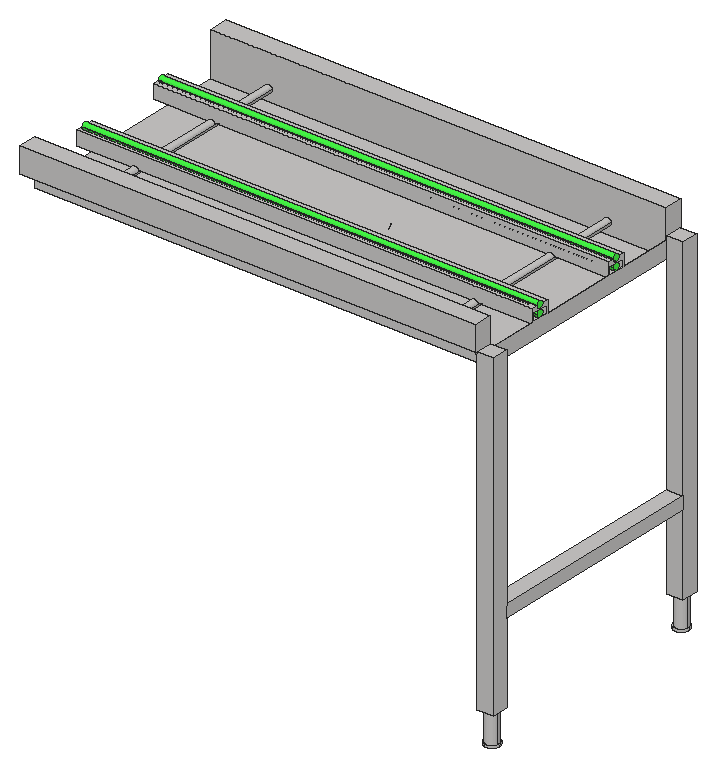
Revit family "QF_ELECTROLUXPROFESSIONAL_863149_HSBCC11", category Specialty Equipment, Revit 2018
Family settings
  Round Connector Dimension = Use Diameter
  Part Type = Normal
  Work Plane-Based = No
  Always vertical = Yes
  Cut with Voids When Loaded = No
  Shared = No
  Room Calculation Point = No
Parameters
  Weight = 0.00 kg
  Watts = 0 W
  Volts = 0 V
  URL Manufacturer = "http://professional.electrolux.com"
  URL = "http://professional.electrolux.com"
  Steam Supply Size = 0 mm
  Steam Supply Minimum Pressure = 0.0 Pa
  Steam Supply Maximum Pressure = 0.0 Pa
  Steam Pounds per Hour = 0
  Refrigeration Suction Line Size = 0 mm
  Refrigeration Liquid Line Size = 0 mm
  Refrigerant Compressor Remote = yes
  Manufacturer = "Electrolux"
  Phase = 0
  Model = "HSBCC11"
  Length Actual = 1100 mm  # constant formula
  Item Number = "863149"
  Hot Water Size = 0 mm
  Height Actual = 910 mm  # constant formula
  HP = "0 HP"
  Gas Size = 0 mm
  Gas KW = 0
  Gas Input Pressure = 0 W
  Description = "CORD CONVEYOR FOR BASKETS, L=1100 MM"
  Depth Actual = 620 mm  # constant formula
  Cycle = 0 Hz
  Condensate Return Size = 0 mm
  Compressed Air Volume = 0.0 L/s
  Compressed Air Size = 0 mm
  Compressed Air Pressure = 0.0 Pa
  Cold Water Size = 0 mm
  Accessory = yes
Reference planes
  plane 1 "Centro (Fronte/Retro)": y = 74.737
  plane 2: z = 0
  plane 3 "LEFT": x = -1538.761
  plane 4 "BACK": y = 384.737
  plane 5 "FRONT": y = -235.263
  plane 6: z = 910
  plane 7 "RIGHT": x = -438.761
  plane 8: x = -988.761
Forms (mm)
  Extrusion 1, solid, material "QF_Finishes_Stainless Steel"
    sketch origin (11.239, 0, 0) x (0, 1, 0) y (0, 0, 1)
      loop
        line (-235.263, 910) -> (-235.263, 850.033) -> (-190.242, 850.033) -> (-190.242, 910) -> (-235.263, 910)
      loop
        line (384.737, 910) -> (339.716, 910) -> (339.716, 850.033) -> (384.737, 850.033) -> (384.737, 910)
    from -1550 to -451.2
  Extrusion 2, solid, material "QF_Finishes_Stainless Steel"
    sketch origin (11.239, 0, 0) x (0, 1, 0) y (0, 0, 1)
      loop
        line (-191.727, 850.033) -> (-191.727, 800.081) -> (341.245, 800.081) -> (341.245, 850.033) -> (339.716, 850.033) -> (339.716, 803.081) -> (-190.242, 803.081) -> (-190.242, 850.033) -> (-191.727, 850.033)
    from -1550 to -451.2
  Extrusion 3, solid, material "QF_Finishes_Stainless Steel"
    sketch origin (1061.239, 723.253, 4000) x (0, 1, 0) y (0, 0, 1)
      loop
        line (-958.516, -3090) -> (-958.516, -3149.967) -> (-934.752, -3185.632) -> (-915.4, -3185.632) -> (-915.4, -3199.919) -> (-381.633, -3199.919) -> (-381.633, -3185.632) -> (-362.281, -3185.632) -> (-338.516, -3149.967) -> (-338.516, -3090) -> (-383.538, -3090) -> (-383.538, -3161.926) -> (-913.495, -3161.926) -> (-913.495, -3090) -> (-958.516, -3090)
    from -1500 to -1501.2
  Extrusion 4, solid, material "QF_Finishes_Stainless Steel"
    sketch origin (-1477.522, 74.737, 0) x (-1, 0, 0) y (0, 0, -1)
      loop
        line (-1079.929, -300) -> (-1039.929, -300) -> (-1039.929, -270) -> (-1079.929, -270) -> (-1079.929, -300)
    from -266.504 to 266.46
  Revolve 5, solid, material "QF_Finishes_Stainless Steel"
    sketch origin (0, 74.737, 0) x (1, 0, 0) y (0, 0, 1)
      loop
        line (-1065.255, 800.081) -> (-1065.255, 786.333)
        arc (-1065.255, 786.333) -> (-1064.651, 784.73) -> (-1063.151, 783.903) r 2.474
        arc (-1063.151, 783.903) -> (-1059.843, 780.044) -> (-1063.138, 776.173) r 3.913
        arc (-1063.138, 776.173) -> (-1064.648, 775.341) -> (-1065.255, 773.728) r 2.49
        line (-1065.255, 773.728) -> (-1065.255, 733.404)
        arc (-1065.255, 733.404) -> (-1054.605, 702.706) -> (-1027.218, 685.219) r 49.516
        line (-1027.218, 685.219) -> (-1027.218, 682.73) -> (-1026.011, 681.079) -> (-1026.011, 679.492) -> (-1012.231, 673.492) -> (-1012.231, 638.761) -> (-1010.707, 637.3) -> (-988.761, 637.3) -> (-988.761, 800.081) -> (-1065.255, 800.081)
      axis (-988.761, 800.081) -> (-988.761, 637.3)
    angle from 0 to 360
  Extrusion 6, solid, material "QF_Finishes_Stainless Steel"
    sketch origin (0, 74.737, 0) x (1, 0, 0) y (0, 0, 1)
      loop
        circle (-1398.761, 831.05) r 8.5
    from -265 to 264.979
  Extrusion 7, solid, material "QF_Finishes_Stainless Steel"
    sketch origin (2140, 74.737, 0) x (1, 0, 0) y (0, 0, 1)
      loop
        circle (-2718.761, 831.05) r 8.5
    from -265 to 265
  Extrusion 8, solid, material "QF_Finishes_Stainless Steel"
    sketch origin (-438.761, 0, 0) x (0, 1, 0) y (0, 0, 1)
      loop
        line (-62.763, 869.045) -> (-62.763, 835.05) -> (-60.363, 835.05) -> (-60.363, 857.845) -> (-19.763, 857.845) -> (-19.763, 835.05) -> (-17.763, 835.05) -> (-17.763, 869.045) -> (-30.056, 869.045) -> (-35.275, 860.005) -> (-45.251, 860.005) -> (-50.47, 869.045) -> (-62.763, 869.045)
      loop
        line (212.237, 869.045) -> (199.944, 869.045) -> (194.725, 860.005) -> (184.749, 860.005) -> (179.53, 869.045) -> (167.237, 869.045) -> (167.237, 835.05) -> (169.237, 835.05) -> (169.237, 857.845) -> (209.837, 857.845) -> (209.837, 835.05) -> (212.237, 835.05) -> (212.237, 869.045)
    from 0 to -1100
  Extrusion 9, solid, material "QF_Finishes_Green"
    sketch origin (-438.761, 0, 0) x (0, 1, 0) y (0, 0, 1)
      loop
        circle (-40.263, 868.505) r 7.5
      loop
        circle (-40.263, 848.505) r 7.5
      loop
        circle (189.737, 868.505) r 7.5
      loop
        circle (189.737, 848.505) r 7.5
    from 0 to -1100
Cuts and joins
  joined: Extrusion 1, Extrusion 2, Extrusion 3, Extrusion 6, Extrusion 7, Extrusion 8
Lines and regions (mm)
  Split face 1
    outline origin (-523.782, -239.063, 803.081) x (0, 1, 0) y (-1, 0, 0)
      loop
        circle (313.8, 464.979) r 3
  Split face 2
    outline origin (-523.782, -239.063, 803.081) x (0, 1, 0) y (-1, 0, 0)
      loop
        circle (313.8, 464.979) r 9
  Split face 3
    outline origin (-523.782, -239.063, 803.081) x (0, 1, 0) y (-1, 0, 0)
      loop
        circle (313.8, 464.979) r 26
  Split face 4
    outline origin (-523.782, -239.063, 803.081) x (0, 1, 0) y (-1, 0, 0)
      loop
        circle (313.8, 464.979) r 36
  Split face 5
    outline origin (-523.782, -239.063, 803.081) x (0, 1, 0) y (-1, 0, 0)
      loop
        circle (313.8, 464.979) r 53
  symbolic lines
    curve 1: line (-438.761, 384.737, 0) -> (-1538.761, 384.737, 0)
    curve 2: line (-1538.761, 384.737, 0) -> (-1538.761, -235.263, 0)
    curve 3: line (-1538.761, 339.716, 0) -> (-438.761, 339.716, 0)
    curve 4: line (-1538.761, -235.263, 0) -> (-438.761, -235.263, 0)
    curve 5: line (-438.761, -235.263, 0) -> (-438.761, 384.737, 0)
    curve 6: line (-438.761, -190.242, 0) -> (-1538.761, -190.242, 0)
    curve 7: line (-1538.761, 74.737, 0) -> (-1508.761, 74.737, 0)
    curve 8: line (-438.761, 74.737, 0) -> (-468.761, 74.737, 0)
    curve 9: circle (-988.761, 74.737, 0) r 23.47 normal (0, 0, 1)
    curve 10: line (-438.761, 212.237, 0) -> (-1538.761, 212.237, 0)
    curve 11: line (-1538.761, 167.237, 0) -> (-438.761, 167.237, 0)
    curve 12: line (-438.761, -17.763, 0) -> (-1538.761, -17.763, 0)
    curve 13: line (-1538.761, -62.763, 0) -> (-438.761, -62.763, 0)
    curve 14: line (-1538.761, -47.763, 0) -> (-438.761, -47.763, 0)
    curve 15: line (-1538.761, -32.763, 0) -> (-438.761, -32.763, 0)
    curve 16: line (-1538.761, 197.237, 0) -> (-438.761, 197.237, 0)
    curve 17: line (-1538.761, 182.237, 0) -> (-438.761, 182.237, 0)
    curve 18: line (-1407.261, 339.716, 0) -> (-1407.261, 212.237, 0)
    curve 19: line (-1390.261, 339.716, 0) -> (-1390.261, 212.237, 0)
    curve 20: line (-1390.261, 167.237, 0) -> (-1390.261, -17.763, 0)
    curve 21: line (-1407.261, 167.237, 0) -> (-1407.261, -17.763, 0)
    curve 22: line (-1407.261, -62.763, 0) -> (-1407.261, -190.242, 0)
    curve 23: line (-1390.261, -62.763, 0) -> (-1390.261, -190.242, 0)
    curve 24: line (-587.261, 339.716, 0) -> (-587.261, 212.237, 0)
    curve 25: line (-570.261, 339.716, 0) -> (-570.261, 212.237, 0)
    curve 26: line (-570.261, 167.237, 0) -> (-570.261, -17.763, 0)
    curve 27: line (-587.261, 167.237, 0) -> (-587.261, -17.763, 0)
    curve 28: line (-587.261, -62.763, 0) -> (-587.261, -190.242, 0)
    curve 29: line (-570.261, -62.763, 0) -> (-570.261, -190.242, 0)
Dimensions and locks
  plane 3 "LEFT" to plane 7 "RIGHT" = 1100 mm
  equal spacing: plane 4 "BACK", plane 1 "Centro (Fronte/Retro)", plane 5 "FRONT"
  plane 4 "BACK" to plane 5 "FRONT" = 620 mm
  equal spacing: plane 3 "LEFT", plane 8, plane 7 "RIGHT"
  locked: Extrusion 6 sketch curve to plane 3 "LEFT" at 140
  locked: plane 7 "RIGHT" to Extrusion 7 sketch curve at 140
  aligned and locked: level to plane 2
  aligned and locked: curve 9 to Revolve 5
  aligned and locked: plane 8 to Split face 5  (x2)
  aligned and locked: plane 8 to Split face 4  (x2)
  aligned and locked: plane 8 to cut or joined group of Extrusion 1, Extrusion 2, Extrusion 3, Extrusion 6, Extrusion 7, Extrusion 8  (x4)
  aligned and locked: plane 8 to Split face 3  (x2)
  aligned and locked: plane 8 to Split face 2  (x2)
  aligned and locked: plane 8 to Split face 1  (x2)
  aligned and locked: Extrusion 2 to plane 3 "LEFT"
  aligned and locked: Extrusion 1 to plane 3 "LEFT"
  aligned and locked: Extrusion 8 to plane 3 "LEFT"
  aligned and locked: cut or joined group of Extrusion 1, Extrusion 2, Extrusion 3, Extrusion 6, Extrusion 7, Extrusion 8 to plane 3 "LEFT"  (x2)
  aligned and locked: plane 3 "LEFT" to curve 6
  aligned and locked: plane 3 "LEFT" to curve 4
  aligned and locked: Extrusion 9 to plane 3 "LEFT"
Automatic sketch dimensions
  Extrusion 1 sketch curve to plane 5 "FRONT" = 0 mm
  Extrusion 1 sketch curve to plane 6 = 0 mm  (x2)
  Extrusion 1 sketch curve to plane 4 "BACK" = 0 mm
  plane 5 "FRONT" to Extrusion 1 sketch curve = 45.021 mm
  Extrusion 1 sketch curve to plane 4 "BACK" = 45.021 mm
  Extrusion 1 sketch curve to Extrusion 1 sketch curve = 59.967 mm  (x2)
  plane 5 "FRONT" to Extrusion 2 sketch curve = 43.536 mm
  Extrusion 2 sketch curve to Extrusion 2 sketch curve = 1.486 mm
  Extrusion 2 sketch curve to plane 4 "BACK" = 45.021 mm
  Extrusion 2 sketch curve to Extrusion 2 sketch curve = 1.529 mm
  Extrusion 2 sketch curve to plane 6 = 109.919 mm
  Extrusion 2 sketch curve to Extrusion 2 sketch curve = 3 mm
  Extrusion 2 sketch curve to Extrusion 2 sketch curve = 46.952 mm  (x2)
  Extrusion 3 sketch curve to plane 5 "FRONT" = 0 mm
  Extrusion 3 sketch curve to plane 6 = 0 mm  (x2)
  Extrusion 3 sketch curve to plane 4 "BACK" = 0 mm
  plane 5 "FRONT" to Extrusion 3 sketch curve = 23.764 mm
  Extrusion 3 sketch curve to Extrusion 3 sketch curve = 19.352 mm  (x2)
  plane 5 "FRONT" to Extrusion 3 sketch curve = 45.021 mm
  Extrusion 3 sketch curve to plane 4 "BACK" = 45.021 mm
  Extrusion 3 sketch curve to Extrusion 3 sketch curve = 1.905 mm
  Extrusion 3 sketch curve to Extrusion 3 sketch curve = 59.967 mm  (x2)
  Extrusion 3 sketch curve to Extrusion 3 sketch curve = 11.959 mm
  Extrusion 3 sketch curve to Extrusion 3 sketch curve = 23.706 mm  (x2)
  Extrusion 3 sketch curve to Extrusion 3 sketch curve = 14.287 mm
  Extrusion 4 sketch curve to plane 7 "RIGHT" = 41.168 mm
  Extrusion 4 sketch curve to plane 7 "RIGHT" = 1.168 mm
  Extrusion 4 sketch curve to level = 270 mm
  Extrusion 4 sketch curve to Extrusion 4 sketch curve = 30 mm
  Extrusion 6 sketch curve to plane 6 = 78.95 mm
  Extrusion 7 sketch curve to plane 6 = 78.95 mm
  plane 1 "Centro (Fronte/Retro)" to Extrusion 8 sketch curve = 137.5 mm
  Extrusion 8 sketch curve to Extrusion 8 sketch curve = 2.4 mm  (x2)
  Extrusion 8 sketch curve to plane 6 = 40.955 mm  (x3)
  Extrusion 8 sketch curve to Extrusion 8 sketch curve = 12.293 mm  (x2)
  Extrusion 8 sketch curve to Extrusion 8 sketch curve = 5.219 mm  (x4)
  Extrusion 8 sketch curve to Extrusion 8 sketch curve = 9.976 mm  (x2)
  Extrusion 8 sketch curve to Extrusion 8 sketch curve = 10.293 mm
  Extrusion 8 sketch curve to Extrusion 8 sketch curve = 2 mm  (x2)
  Extrusion 8 sketch curve to plane 1 "Centro (Fronte/Retro)" = 92.5 mm
  Extrusion 8 sketch curve to plane 6 = 49.995 mm
  Extrusion 8 sketch curve to Extrusion 8 sketch curve = 9.893 mm
  Extrusion 8 sketch curve to Extrusion 8 sketch curve = 11.2 mm
  Extrusion 8 sketch curve to Extrusion 8 sketch curve = 2.16 mm
  Extrusion 8 sketch curve to Extrusion 8 sketch curve = 22.795 mm  (x4)
  Extrusion 8 sketch curve to Extrusion 8 sketch curve = 9.04 mm  (x2)
  plane 1 "Centro (Fronte/Retro)" to Extrusion 9 sketch curve = 115 mm
  Extrusion 9 sketch curve to Extrusion 9 sketch curve = 0 mm  (x2)
  Extrusion 9 sketch curve to plane 1 "Centro (Fronte/Retro)" = 115 mm
  Extrusion 9 sketch curve to plane 6 = 61.495 mm  (x2)
  Extrusion 9 sketch curve to Extrusion 9 sketch curve = 20 mm  (x2)
  plane 1 "Centro (Fronte/Retro)" to curve 7 = 0 mm
  plane 1 "Centro (Fronte/Retro)" to curve 8 = 0 mm
  curve 15 to plane 7 "RIGHT" = 0 mm
  curve 4 to plane 5 "FRONT" = 0 mm
  curve 2 to plane 4 "BACK" = 0 mm
  plane 3 "LEFT" to curve 7 = 30 mm
  curve 18 to plane 4 "BACK" = 45.021 mm
  plane 3 "LEFT" to curve 18 = 131.5 mm
  plane 5 "FRONT" to curve 22 = 45.021 mm
  plane 3 "LEFT" to curve 22 = 131.5 mm
  curve 21 to curve 18 = 0 mm
  curve 18 to curve 19 = 17 mm
  curve 21 to curve 20 = 17 mm
  curve 22 to curve 23 = 17 mm
  curve 28 to plane 7 "RIGHT" = 148.5 mm
  curve 24 to plane 7 "RIGHT" = 148.5 mm
  curve 27 to curve 28 = 0 mm
  curve 27 to curve 26 = 17 mm
  curve 24 to curve 25 = 17 mm
  curve 28 to curve 29 = 17 mm
  curve 8 to plane 7 "RIGHT" = 30 mm
  curve 13 to curve 14 = 15 mm
  curve 14 to curve 15 = 15 mm
  curve 15 to curve 12 = 15 mm
  curve 11 to curve 17 = 15 mm
  curve 16 to curve 10 = 15 mm
  Revolve 5 sketch curve to plane 8 = 0 mm  (x2)
  Revolve 5 sketch curve to Revolve 5 sketch curve = 21.946 mm
  Revolve 5 sketch curve to Revolve 5 sketch curve = 1.524 mm
  Revolve 5 sketch curve to plane 8 = 26.978 mm
  Revolve 5 sketch curve to Revolve 5 sketch curve = 13.78 mm
  Revolve 5 sketch curve to Revolve 5 sketch curve = 1.206 mm
  Revolve 5 sketch curve to Revolve 5 sketch curve = 47.026 mm
  Revolve 5 sketch curve to Revolve 5 sketch curve = 0.016 mm  (x3)
  Revolve 5 sketch curve to Revolve 5 sketch curve = 0.976 mm
  Revolve 5 sketch curve to Revolve 5 sketch curve = 2.474 mm
  Revolve 5 sketch curve to Revolve 5 sketch curve = 2.49 mm
  Revolve 5 sketch curve to Revolve 5 sketch curve = 0 mm
  Revolve 5 sketch curve to plane 6 = 272.7 mm
  Revolve 5 sketch curve to Revolve 5 sketch curve = 1.461 mm
  Revolve 5 sketch curve to Revolve 5 sketch curve = 34.731 mm
  Revolve 5 sketch curve to Revolve 5 sketch curve = 6 mm
  Revolve 5 sketch curve to Revolve 5 sketch curve = 1.588 mm
  Revolve 5 sketch curve to Revolve 5 sketch curve = 1.651 mm
  Revolve 5 sketch curve to Revolve 5 sketch curve = 2.488 mm
  Revolve 5 sketch curve to Revolve 5 sketch curve = 48.167 mm
  Revolve 5 sketch curve to Revolve 5 sketch curve = 40.307 mm
  Revolve 5 sketch curve to Revolve 5 sketch curve = 6.326 mm
  Revolve 5 sketch curve to Revolve 5 sketch curve = 6.296 mm
  Revolve 5 sketch curve to Revolve 5 sketch curve = 13.748 mm
  Revolve 5 sketch curve to Revolve 5 sketch curve = 0.373 mm
  Revolve 5 sketch curve to Revolve 5 sketch curve = 38.557 mm
  plane 6 to Revolve 5 sketch curve = 8.743 mm
  cut or joined group of Extrusion 1, Extrusion 2, Extrusion 3, Extrusion 6, Extrusion 7, Extrusion 8 to Split face 1 sketch curve = 264.979 mm
  cut or joined group of Extrusion 1, Extrusion 2, Extrusion 3, Extrusion 6, Extrusion 7, Extrusion 8 to Split face 1 sketch curve = 548.8 mm
  cut or joined group of Extrusion 1, Extrusion 2, Extrusion 3, Extrusion 6, Extrusion 7, Extrusion 8 to Split face 2 sketch curve = 264.979 mm
  cut or joined group of Extrusion 1, Extrusion 2, Extrusion 3, Extrusion 6, Extrusion 7, Extrusion 8 to Split face 2 sketch curve = 548.8 mm
  cut or joined group of Extrusion 1, Extrusion 2, Extrusion 3, Extrusion 6, Extrusion 7, Extrusion 8 to Split face 3 sketch curve = 264.979 mm
  cut or joined group of Extrusion 1, Extrusion 2, Extrusion 3, Extrusion 6, Extrusion 7, Extrusion 8 to Split face 3 sketch curve = 548.8 mm
  cut or joined group of Extrusion 1, Extrusion 2, Extrusion 3, Extrusion 6, Extrusion 7, Extrusion 8 to Split face 4 sketch curve = 264.979 mm
  cut or joined group of Extrusion 1, Extrusion 2, Extrusion 3, Extrusion 6, Extrusion 7, Extrusion 8 to Split face 4 sketch curve = 548.8 mm
  cut or joined group of Extrusion 1, Extrusion 2, Extrusion 3, Extrusion 6, Extrusion 7, Extrusion 8 to Split face 5 sketch curve = 264.979 mm
  cut or joined group of Extrusion 1, Extrusion 2, Extrusion 3, Extrusion 6, Extrusion 7, Extrusion 8 to Split face 5 sketch curve = 548.8 mm
  curve 6 to curve 13 = 127.479 mm
  curve 20 to curve 19 = 45 mm
  curve 26 to plane 1 "Centro (Fronte/Retro)" = 92.5 mm
  radius of Extrusion 6 sketch curve = 8.5 mm
  radius of Extrusion 7 sketch curve = 8.5 mm
  radius of Extrusion 9 sketch curve = 7.5 mm  (x4)
  radius of Split face 1 sketch curve = 3 mm
  radius of Split face 2 sketch curve = 9 mm
  radius of Split face 3 sketch curve = 26 mm
  radius of Split face 4 sketch curve = 36 mm
  radius of Split face 5 sketch curve = 53 mm
Nested families
  nested 1: "Foot_40x40" at (-417.593, 361.245, 0) x (-1, 0, 0) z (0, 0, 1), type "Foot_40x40"
    with A 850.033 mm
  nested 2: "Foot_40x40" at (-417.593, -211.771, 0) x (-1, 0, 0) z (0, 0, 1), type "Foot_40x40"
    with A 850.033 mm
Connectors
  piping at (-988.761, 74.737, 637.3), diameter 40
    settings: on Revolve 5, index 1, connector inside diameter 609.6 mm, connector length 0 mm, flow factor 0, pipe flow 0.0 L/s, pressure drop 0.0 Pa, fitting loss kfactor 0, connector angle 0.00°, fixture units 0, engagement length 0 mm, angle of deflection 0.00°, flow configuration 1, flow direction 2, fitting loss method 0, system type 16, joint type 0, gender type 0, connector reference index -1, connector utility 0, adjustable connector no, is connector primary yes, connector description "Drain"
Definition of nested family "Foot_40x40"
  Parameters
    A [instance] = 850 mm
  Reference planes
    plane 1 "Centro (Fronte/Retro)": y = 0
    plane 2: z = 0
    plane 3 "Centro (Sinistra/Destra)": x = 0
    plane 4: z = 850
  Forms (mm)
    Extrusion 1, solid
      sketch origin (0, 0, 0) x (1, 0, 0) y (0, 1, 0)
        loop
          circle (0, 0) r 18
      from 0 to 5
    Extrusion 2, solid
      sketch origin (0, 0, 5) x (1, 0, 0) y (0, 1, 0)
        loop
          circle (0, 0) r 15
      from 0 to 70
    Extrusion 3, solid
      sketch origin (0, 0, 75) x (1, 0, 0) y (0, 1, 0)
        loop
          line (-20, 20) -> (-20, -20) -> (20, -20) -> (20, 20) -> (-20, 20)
      from 0 to 775
  Dimensions and locks
    "A": plane 4 to plane 2
    aligned and locked: level to plane 2
    aligned and locked: plane 4 to Extrusion 3
    aligned and locked: Extrusion 1 to level
  Automatic sketch dimensions
    plane 1 "Centro (Fronte/Retro)" to Extrusion 1 sketch curve = 0 mm
    Extrusion 1 sketch curve to plane 3 "Centro (Sinistra/Destra)" = 0 mm
    Extrusion 3 sketch curve to Extrusion 3 sketch curve = 40 mm  (x2)
    radius of Extrusion 1 sketch curve = 18 mm
    radius of Extrusion 2 sketch curve to Extrusion 1 = 3 mm
